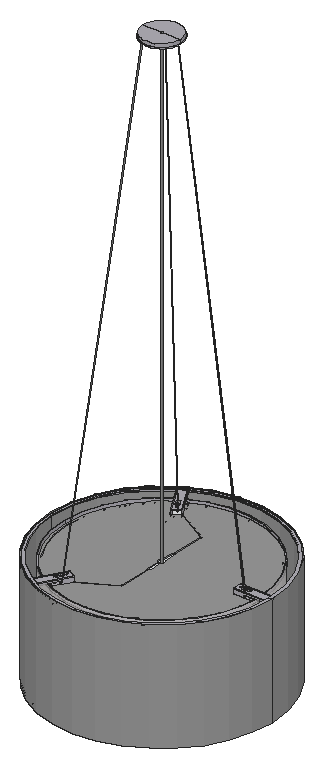
Revit family "Lighting - Lumetta - Pendant - P2034", category Lighting Fixtures, host Ceiling, Revit 2015
Parameters
  Wattage = 11.7117 W
  built-in parameter 1150110 = 1 (stored number, unit not read)
  URL = "https://lumetta.com/luminaires/shadow-drum-34-pendant/"
  Type Comments = ""
  built-in parameter 1114217 = 1 (stored number, unit not read)
  Top Lens-Material [instance] = Acrylic - 2447 - White
  Top Lens (Inner Core) [instance] = yes
  built-in parameter 1150109 = 1 (stored number, unit not read)
  built-in parameter 1150134 = (empty or 0)
  Suspension [instance] = 2
  built-in parameter 1150113 = 1 (stored number, unit not read)
  Stem Hung-ALL Lamping [instance] = Suspension = 3  # no
  P2048 URL [instance] = "https://lumetta.com/luminaires/shadow-drum-34-pendant/"
  Light Source Symbol Size = 0' - 1"
  Fixture Outer Drop [instance] = 6' - 0"
  Diffuser Outer Material [instance] = Glass, Matte
  1CRD-3CBL- LED-4 Wire [instance] = Suspension = 2  # yes
  Coupling-Stems Over 60 inches [instance] = and([Stem Hung-ALL Lamping], Fixture Outer Drop > 5' 0")  # no
  Model = "P2034"  # constant formula
  Manufacturer = "Lumetta, Inc."  # constant formula
  Lumens = 1300 lm
  built-in parameter 1150115 = 1 (stored number, unit not read)
  built-in parameter 1150105 = 103.45 (stored number, unit not read)
  built-in parameter 1150137 = (empty or 0)
  built-in parameter 1150139 = (empty or 0)
  built-in parameter 1150112 = 1 (stored number, unit not read)
  built-in parameter 1150114 = 1 (stored number, unit not read)
  built-in parameter 1150132 = 1
  built-in parameter 1150102 = (empty or 0)
  built-in parameter 1150138 = (empty or 0)
  built-in parameter 1150107 = 3000 (stored number, unit not read)
  built-in parameter 1150106 = 1.0345 (stored number, unit not read)
  Frame Finish [instance] = Paint - Lumetta - F02 - PC_Chrome
  built-in parameter 1150104 = 10.312 (stored number, unit not read)
  Dimming Lamp Color Temperature Shift = (empty or 0)
  Diffuser Inner Material [instance] = Shade - Lumetta - D61 - MT_White
  Description = "Shadow Drum 34'' Pendant"  # constant formula
  Cord [instance] = or(Suspension = 1, Suspension = 2)  # yes
  Bottom Lens-Material [instance] = Acrylic - P95 - Etched White
  Bottom Lens (Inner Core) [instance] = yes
  3 Cables [instance] = or(Suspension = 1, Suspension = 2)  # yes
  1CRD-3CBL-STD and 2 or 3 Wire [instance] = Suspension = 1  # no
  Cord Color [instance] = Cord, Black
  Color Filter = 16777215
  built-in parameter 1114218 = 1 (stored number, unit not read)
  built-in parameter 1150133 = 10 (stored number, unit not read)
Reference planes (in)
  plane 1 "Light Source Axis (F/B)": y = 0
  plane 2 "Ceiling": z = 96
  plane 3 "Light Source Axis (L/R)": x = 0
  plane 4 "Light Source Elevation": z = 21
  plane 5 "Fixture- Inner Top": z = 23.5
  plane 6 "Fixture-Inner Radius": x = 15
  plane 7 "Fixture-Inner Height": z = 9.5
  plane 8: through (0, 0, 0) normal (-0.5, -0.866, 0)
  plane 9: y = 0
  plane 10: through (0, 0, 0) normal (0.5, -0.866, 0)
  plane 11 "Plane-120": through (-7.5, 12.99038, 0) normal (0.5, -0.866, 0)
  plane 12 "Plane-240": through (-69.85383, 23.00962, 0) normal (0.5, 0.866, 0)
  plane 13 "Fixture-Outer Radius": x = 17
  plane 14 "Fixture- Outer Top": z = 24
  plane 15 "Fixture-Outer Height": z = 7
Forms (in)
  Revolve 1, solid, material "Paint - Lumetta - F02 - PC_Chrome" <- "Frame Finish", visible <- "3 Cables"
    sketch origin (0, 0, 0) x (1, 0, 0) y (0, 0, 1)
      loop
        line (0, 95.4375) -> (3, 95.4375) -> (3, 95.5) -> (2.87509, 95.5) -> (2.87509, 96) -> (0, 96) -> (0, 95.4375)
      axis (0, 96) -> (0, 95.4375)
    angle from 0 to 360
  Extrusion 2, void
    sketch origin (0, 0, 95.4375) x (0, -1, 0) y (1, 0, 0)
      loop
        circle (0, 0) r 0.25
      loop
        circle (0, 2.5) r 0.06274
      loop
        circle (-2.16506, -1.25) r 0.06274
      loop
        circle (2.16506, -1.25) r 0.06274
    from 0 to 0.06358
  Revolve 3, solid, material "Paint - Lumetta - F02 - PC_Chrome" <- "Frame Finish"
    sketch origin (0, 0, 0) x (1, 0, 0) y (0, 0, 1)
      loop
        line (15, 23.5) -> (14.9375, 23.5) -> (14.9375, 23.0625) -> (14.5, 23.0625) -> (14.5, 23) -> (15, 23) -> (15, 23.5)
      loop
        line (15, 10) -> (14.9375, 10) -> (14.9375, 9.5625) -> (14.5, 9.5625) -> (14.5, 9.5) -> (15, 9.5) -> (15, 10)
      axis (0, 23.5) -> (0, 9.5)
    angle from 0 to 360
  Revolve 4, solid, material "Shade - Lumetta - D61 - MT_White" <- "Diffuser Inner Material"
    sketch origin (0, 0, 0) x (1, 0, 0) y (0, 0, 1)
      loop
        line (15, 23.5) -> (15, 9.49709) -> (15.06242, 9.49709) -> (15.06242, 23.5) -> (15, 23.5)
      axis (0, 23.5) -> (0, 9.49709)
    angle from 0 to 360
  Extrusion 5, solid, material "Paint - Lumetta - F02 - PC_Chrome" <- "Frame Finish", visible <- "Stem Hung-ALL Lamping"
    sketch origin (0, 0, 23.5) x (0, -1, 0) y (-1, 0, 0)
      loop
        circle (0, 0) r 0.25
    from 0.5 to -72.5
  Revolve 6, solid, material "Paint - Lumetta - F02 - PC_Chrome" <- "Frame Finish", visible <- "Coupling-Stems Over 60 inches"
    sketch origin (0, 0, 0) x (1, 0, 0) y (0, 0, 1)
      loop
        line (0, 84.03023) -> (0, 83.5) -> (0.26233, 83.5)
        arc (0.26233, 83.5) -> (0.31307, 83.55074) -> (0.26233, 83.60149) r 0.05074
        arc (0.26233, 83.60149) -> (0.29304, 83.76499) -> (0.26243, 83.92851) r 0.45126
        arc (0.26243, 83.92851) -> (0.31329, 83.97937) -> (0.26243, 84.03023) r 0.05086
        line (0.26243, 84.03023) -> (0, 84.03023)
      axis (0, 84.03023) -> (0, 83.5)
    angle from 0 to 360
  Revolve 7, solid, material "Paint - Lumetta - F02 - PC_Chrome" <- "Frame Finish", visible <- "Stem Hung-ALL Lamping"
    sketch origin (0, 0, 0) x (1, 0, 0) y (0, 0, 1)
      loop
        line (0, 96) -> (0, 93.40625) -> (0.34988, 93.40625)
        arc (0.34988, 93.40625) -> (0.49124, 93.54417) -> (0.58115, 93.72) r 0.61026
        line (0.58115, 93.72) -> (3, 93.72) -> (3, 93.78) -> (2.875, 93.78) -> (2.875, 96) -> (0, 96)
      axis (0, 96) -> (0, 93.40625)
    angle from 0 to 360
  Extrusion 8, solid, material "Cord, Black" <- "Cord Color", visible <- "Cord"
    sketch origin (0, 0, 23.5) x (0, -1, 0) y (1, 0, 0)
      loop
        circle (0, 0) r 0.15674
    from -0.56254 to 72.5
  Extrusion 9, solid, material "Paint - Lumetta - F02 - PC_Chrome" <- "Frame Finish"
    sketch origin (0, 0, 23.5) x (0, -1, 0) y (1, 0, 0)
      loop
        line (-1, 14.85103) -> (-1, 13.25) -> (1, 13.25) -> (1, 14.85103)
        arc (1, 14.85103) -> (0, 14.88466) -> (-1, 14.85103) r 14.88466
      loop
        circle (0, 13.75) r 0.11051
      loop
        line (-12.36137, -8.29154) -> (-10.97484, -7.49103) -> (-11.97484, -5.75897) -> (-13.36137, -6.55949)
        arc (-13.36137, -6.55949) -> (-12.8905, -7.44233) -> (-12.36137, -8.29154) r 14.88466
      loop
        circle (-11.90785, -6.875) r 0.11051
      loop
        line (13.36137, -6.55949) -> (11.97484, -5.75897) -> (10.97484, -7.49103) -> (12.36137, -8.29154)
        arc (12.36137, -8.29154) -> (12.8905, -7.44233) -> (13.36137, -6.55949) r 14.88466
      loop
        circle (11.90785, -6.875) r 0.11051
    from -0.58147 to -0.5
  Extrusion 10, solid, material "Acrylic - P95 - Etched White" <- "Bottom Lens-Material", visible <- "Bottom Lens (Inner Core)"
    sketch origin (0, 0, 9.5) x (0, -1, 0) y (1, 0, 0)
      loop
        circle (0, 0) r 14.84375
    from 0.0625 to 0.125
  Extrusion 11, solid, material "Paint - Lumetta - F11 - PC_White"
    sketch origin (0, 0, 23.5) x (0, -1, 0) y (1, 0, 0)
      loop
        line (-7.43338, -1.25) -> (-10.06755, -5.8125) -> (10.06755, -5.8125) -> (7.43338, -1.25) -> (-7.43338, -1.25)
      loop
        line (-5.99001, 1.25) -> (5.99001, 1.25) -> (0, 11.625) -> (-5.99001, 1.25)
      loop
        circle (0, 0) r 0.28281
      loop
        line (0.75, 13.07596) -> (0.75, 14.1875) -> (-0.75, 14.1875) -> (-0.75, 13.07596) -> (-11.69912, -5.88846) -> (-12.66174, -6.44423) -> (-11.91174, -7.74327) -> (-10.94912, -7.1875) -> (10.94912, -7.1875) -> (11.91174, -7.74327) -> (12.66174, -6.44423) -> (11.69912, -5.88846) -> (0.75, 13.07596)
      loop
        circle (0, 12.9375) r 0.1266
      loop
        circle (0, 13.6875) r 0.09276
      loop
        circle (-11.2042, -6.46875) r 0.1266
      loop
        circle (-11.85372, -6.84375) r 0.09276
      loop
        circle (11.2042, -6.46875) r 0.1266
      loop
        circle (11.85372, -6.84375) r 0.09276
    from -0.58147 to -0.63259
  Revolve 12, solid, material "Paint - Lumetta - F02 - PC_Chrome" <- "Frame Finish"
    sketch origin (0, 0, 0) x (1, 0, 0) y (0, 0, 1)
      loop
        line (17, 23.9375) -> (16.5, 23.9375) -> (16.5, 23.875) -> (16.9375, 23.875) -> (16.9375, 23.4375) -> (17, 23.4375) -> (17, 23.9375)
      loop
        line (17, 7) -> (17, 7.5) -> (16.9375, 7.5) -> (16.9375, 7.0625) -> (16.5, 7.0625) -> (16.5, 7) -> (17, 7)
      axis (0, 23.9375) -> (0, 7)
    angle from 0 to 360
  Revolve 13, solid, material "Glass, Matte" <- "Diffuser Outer Material"
    sketch origin (0, 0, 0) x (1, 0, 0) y (0, 0, 1)
      loop
        line (17, 24) -> (17, 7) -> (17.03313, 7) -> (17.03313, 24) -> (17, 24)
      axis (0, 7) -> (0, 24)
    angle from 0 to 360
  Extrusion 14, solid, material "Paint - Lumetta - F02 - PC_Chrome" <- "Frame Finish"
    sketch origin (0, 0, 24) x (-1, 0, 0) y (0, -1, 0)
      loop
        line (-11.625, -0.6875) -> (-11.625, 0.6875) -> (-16.875, 0.6875) -> (-16.875, -0.6875) -> (-11.625, -0.6875)
      loop
        arc (-13.68181, 0.2113) -> (-13.84394, -0.00324) -> (-13.67542, -0.21281) r 0.21869
        line (-13.67542, -0.21281) -> (-12.96485, -0.38022)
        arc (-12.96485, -0.38022) -> (-12.48465, 0) -> (-12.96485, 0.38022) r 0.39063
        line (-12.96485, 0.38022) -> (-13.68181, 0.2113)
      loop
        circle (-12.125, -0.01007) r 0.09467
      loop
        line (6.40789, -9.7238) -> (5.21711, -10.4113) -> (7.84211, -14.95793) -> (9.03289, -14.27043) -> (6.40789, -9.7238)
      loop
        arc (6.65791, -11.95445) -> (6.92478, -11.98758) -> (7.02201, -11.73686) r 0.21869
        line (7.02201, -11.73686) -> (6.8117, -11.03779)
        arc (6.8117, -11.03779) -> (6.24233, -10.81203) -> (6.15315, -11.418) r 0.39063
        line (6.15315, -11.418) -> (6.65791, -11.95445)
      loop
        circle (6.07122, -10.49552) r 0.09467
      loop
        line (5.21711, 10.4113) -> (6.40789, 9.7238) -> (9.03289, 14.27043) -> (7.84211, 14.95793) -> (5.21711, 10.4113)
      loop
        arc (7.0239, 11.74315) -> (6.91916, 11.99082) -> (6.65342, 11.94967) r 0.21869
        line (6.65342, 11.94967) -> (6.15315, 11.418)
        arc (6.15315, 11.418) -> (6.24233, 10.81203) -> (6.8117, 11.03779) r 0.39063
        line (6.8117, 11.03779) -> (7.0239, 11.74315)
      loop
        circle (6.05378, 10.50559) r 0.09467
    from -0.19992 to -0.125
  Sweep 15, solid, material "Steel, Galvanized", visible <- "3 Cables"
    path origin (0, 0, 0) x (-0.5, 0.866025, 0) y (0, 0, 1)
      loop
        line (2.5, 95.50108) -> (12.875, 22.81449)
    profile origin (-3.84375, 6.65757, 59.15779) x (-0.494983, 0.857336, 0.141304) y (0.866025, 0.5, 0)
      loop
        circle (0, 0) r 0.03083
  Sweep 16, solid, material "Steel, Galvanized", visible <- "3 Cables"
    path origin (0, 0, 0) x (-0.5, -0.866025, 0) y (0, 0, 1)
      loop
        line (2.5, 95.50108) -> (12.875, 22.81449)
    profile origin (-3.84375, -6.65757, 59.15779) x (-0.494983, -0.857336, 0.141304) y (-0.866025, 0.5, 0)
      loop
        circle (0, 0) r 0.03083
  Revolve 17, solid, material "Paint - Lumetta - F02 - PC_Chrome" <- "Frame Finish", visible <- "Stem Hung-ALL Lamping"
    sketch origin (0, 0, 0) x (1, 0, 0) y (0, 0, 1)
      loop
        arc (1.9375, 93.33818) -> (2.13408, 93.49233) -> (2.03125, 93.72) r 0.20242
        line (2.03125, 93.72) -> (1.9375, 93.72) -> (1.9375, 93.33818)
      axis (1.9375, 93.72) -> (1.9375, 93.33818)
    angle from 0 to 360
  Revolve 18, solid, material "Paint - Lumetta - F02 - PC_Chrome" <- "Frame Finish", visible <- "Stem Hung-ALL Lamping"
    sketch origin (0, 0, 0) x (-1, 0, 0) y (0, 0, 1)
      loop
        arc (1.9375, 93.33818) -> (2.13408, 93.49233) -> (2.03125, 93.72) r 0.20242
        line (2.03125, 93.72) -> (1.9375, 93.72) -> (1.9375, 93.33818)
      axis (1.9375, 93.72) -> (1.9375, 93.33818)
    angle from 0 to 360
  Revolve 19, solid, material "Paint - Lumetta - F02 - PC_Chrome" <- "Frame Finish", visible <- "1CRD-3CBL- LED-4 Wire"
    sketch origin (0, 0, 1.7175) x (1, 0, 0) y (0, 0, 1)
      loop
        arc (1.9375, 93.33818) -> (2.13408, 93.49233) -> (2.03125, 93.72) r 0.20242
        line (2.03125, 93.72) -> (1.9375, 93.72) -> (1.9375, 93.33818)
      axis (1.9375, 93.72) -> (1.9375, 93.33818)
    angle from 0 to 360
  Revolve 20, solid, material "Paint - Lumetta - F02 - PC_Chrome" <- "Frame Finish", visible <- "1CRD-3CBL- LED-4 Wire"
    sketch origin (0, 0, 1.7175) x (-1, 0, 0) y (0, 0, 1)
      loop
        arc (1.9375, 93.33818) -> (2.13408, 93.49233) -> (2.03125, 93.72) r 0.20242
        line (2.03125, 93.72) -> (1.9375, 93.72) -> (1.9375, 93.33818)
      axis (1.9375, 93.72) -> (1.9375, 93.33818)
    angle from 0 to 360
  Revolve 21, solid, material "Paint - Lumetta - F02 - PC_Chrome" <- "Frame Finish", visible <- "1CRD-3CBL- LED-4 Wire"
    sketch origin (0, 0, 0) x (1, 0, 0) y (0, 0, 1)
      loop
        line (0, 95.4375) -> (0, 95.31123) -> (0.375, 95.31123) -> (0.375, 95.4375) -> (0, 95.4375)
      axis (0, 95.4375) -> (0, 95.31123)
    angle from 0 to 360
  Revolve 22, solid, material "Paint - Lumetta - F02 - PC_Chrome" <- "Frame Finish", visible <- "1CRD-3CBL-STD and 2 or 3 Wire"
    sketch origin (0, 0, 0) x (1, 0, 0) y (0, 0, 1)
      loop
        line (0, 95.4375) -> (0, 94.9375) -> (0.28309, 94.9375) -> (0.375, 95.4375) -> (0, 95.4375)
      axis (0, 95.4375) -> (0, 94.9375)
    angle from 0 to 360
  Extrusion 23, solid, material "Acrylic - 2447 - White" <- "Top Lens-Material", visible <- "Top Lens (Inner Core)"
    sketch origin (0, 0, 23.5) x (0, -1, 0) y (1, 0, 0)
      loop
        arc (-13.27354, -6.64454) -> (-13.1977, -6.70831) -> (-13.09927, -6.69684) r 0.125
        line (-13.09927, -6.69684) -> (-10.72032, -5.32336)
        arc (-10.72032, -5.32336) -> (-10.66855, -5.28363) -> (-10.62882, -5.23185) r 0.25
        line (-10.62882, -5.23185) -> (-7.57212, 0.06242) -> (-2.57449, 0.06242)
        arc (-2.57449, 0.06242) -> (-2.51198, 0.07917) -> (-2.46623, 0.12493) r 0.125
        arc (-2.46623, 0.12493) -> (-2.37484, 0.21633) -> (-2.24999, 0.24979) r 0.24968
        line (-2.24999, 0.24979) -> (-0.57641, 0.24979)
        arc (-0.57641, 0.24979) -> (-0.51684, 0.2649) -> (-0.47166, 0.30658) r 0.125
        arc (-0.47166, 0.30658) -> (0.00035, 0.56218) -> (0.47188, 0.30569) r 0.56266
        arc (0.47188, 0.30569) -> (0.51708, 0.26388) -> (0.57676, 0.24871) r 0.125
        line (0.57676, 0.24871) -> (2.25, 0.24871)
        arc (2.25, 0.24871) -> (2.37941, 0.21317) -> (2.47253, 0.11652) r 0.2534
        arc (2.47253, 0.11652) -> (2.51846, 0.06885) -> (2.5823, 0.05131) r 0.125
        line (2.5823, 0.05131) -> (7.57212, 0.05131) -> (10.629, -5.23209)
        arc (10.629, -5.23209) -> (10.6687, -5.28375) -> (10.72039, -5.32339) r 0.25
        line (10.72039, -5.32339) -> (13.09927, -6.69684)
        arc (13.09927, -6.69684) -> (13.1977, -6.70831) -> (13.27354, -6.64454) r 0.125
        arc (13.27354, -6.64454) -> (12.85506, 7.42187) -> (0.88243, 14.8175) r 14.84375
        arc (0.88243, 14.8175) -> (0.78928, 14.7837) -> (0.75, 14.69272) r 0.125
        line (0.75, 14.69272) -> (0.75, 11.721)
        arc (0.75, 11.721) -> (0.71339, 11.63261) -> (0.625, 11.596) r 0.125
        line (0.625, 11.596) -> (-0.625, 11.596)
        arc (-0.625, 11.596) -> (-0.71339, 11.63261) -> (-0.75, 11.721) r 0.125
        line (-0.75, 11.721) -> (-0.75, 14.69272)
        arc (-0.75, 14.69272) -> (-0.78928, 14.7837) -> (-0.88243, 14.8175) r 0.125
        arc (-0.88243, 14.8175) -> (-12.85506, 7.42188) -> (-13.27354, -6.64454) r 14.84375
      loop
        arc (12.39111, -8.17296) -> (12.40842, -8.07538) -> (12.34927, -7.99588) r 0.125
        line (12.34927, -7.99588) -> (9.77568, -6.51002)
        arc (9.77568, -6.51002) -> (9.71744, -6.43412) -> (9.72993, -6.33927) r 0.125
        line (9.72993, -6.33927) -> (10.39081, -5.19459)
        arc (10.39081, -5.19459) -> (10.40756, -5.13209) -> (10.39081, -5.0696) r 0.125
        line (10.39081, -5.0696) -> (7.53563, -0.12392)
        arc (7.53563, -0.12392) -> (7.48988, -0.07816) -> (7.42737, -0.06141) r 0.125
        line (7.42737, -0.06141) -> (2.57144, -0.06141)
        arc (2.57144, -0.06141) -> (2.50992, -0.0776) -> (2.46433, -0.12197) r 0.125
        arc (2.46433, -0.12197) -> (2.37171, -0.21211) -> (2.24673, -0.245) r 0.25396
        line (2.24673, -0.245) -> (0.51158, -0.245)
        arc (0.51158, -0.245) -> (0.45327, -0.25943) -> (0.40842, -0.2994) r 0.125
        arc (0.40842, -0.2994) -> (-0.02877, -0.53106) -> (-0.46772, -0.30275) r 0.53222
        arc (-0.46772, -0.30275) -> (-0.51245, -0.26334) -> (-0.57034, -0.24912) r 0.125
        line (-0.57034, -0.24912) -> (-2.25, -0.24912)
        arc (-2.25, -0.24912) -> (-2.37489, -0.21565) -> (-2.46631, -0.12421) r 0.24974
        arc (-2.46631, -0.12421) -> (-2.51206, -0.07844) -> (-2.57457, -0.06169) r 0.125
        line (-2.57457, -0.06169) -> (-7.42738, -0.06169)
        arc (-7.42738, -0.06169) -> (-7.48988, -0.07844) -> (-7.53563, -0.12419) r 0.125
        line (-7.53563, -0.12419) -> (-10.39081, -5.0696)
        arc (-10.39081, -5.0696) -> (-10.40755, -5.1321) -> (-10.39081, -5.1946) r 0.125
        line (-10.39081, -5.1946) -> (-9.72993, -6.33927)
        arc (-9.72993, -6.33927) -> (-9.71744, -6.43412) -> (-9.77568, -6.51002) r 0.125
        line (-9.77568, -6.51002) -> (-12.34927, -7.99588)
        arc (-12.34927, -7.99588) -> (-12.40842, -8.07538) -> (-12.39111, -8.17296) r 0.125
        arc (-12.39111, -8.17296) -> (0, -14.84375) -> (12.39111, -8.17296) r 14.84375
    from -0.43746 to -0.35877
  Extrusion 24, solid, material "Paint - Lumetta - F02 - PC_Chrome" <- "Frame Finish"
    sketch origin (0, 0, 23.5) x (0, -1, 0) y (1, 0, 0)
      loop
        line (-0.6875, 11.625) -> (-0.625, 11.625) -> (-0.625, 16.86737) -> (-0.6875, 16.86737) -> (-0.6875, 11.625)
      loop
        line (0.6875, 11.625) -> (0.6875, 16.86737) -> (0.625, 16.86737) -> (0.625, 11.625) -> (0.6875, 11.625)
      loop
        line (-9.7238, -6.40789) -> (-9.75505, -6.35377) -> (-14.29507, -8.97495) -> (-14.26382, -9.02908) -> (-9.7238, -6.40789)
      loop
        line (-10.4113, -5.21711) -> (-14.95132, -7.83829) -> (-14.92007, -7.89242) -> (-10.38005, -5.27123) -> (-10.4113, -5.21711)
      loop
        line (10.4113, -5.21711) -> (10.38005, -5.27123) -> (14.92007, -7.89242) -> (14.95132, -7.83829) -> (10.4113, -5.21711)
      loop
        line (9.7238, -6.40789) -> (14.26382, -9.02908) -> (14.29507, -8.97495) -> (9.75505, -6.35377) -> (9.7238, -6.40789)
    from 0 to 0.375
  Extrusion 25, solid, material "Paint - Lumetta - F02 - PC_Chrome" <- "Frame Finish"
    sketch origin (0, 0, 23.5) x (0, -1, 0) y (1, 0, 0)
      loop
        line (-0.6875, 11.625) -> (-0.625, 11.625) -> (-0.625, 13.125) -> (-0.6875, 13.125) -> (-0.6875, 11.625)
      loop
        line (0.6875, 11.625) -> (0.6875, 13.125) -> (0.625, 13.125) -> (0.625, 11.625) -> (0.6875, 11.625)
      loop
        line (-9.7238, -6.40789) -> (-9.75505, -6.35377) -> (-11.05408, -7.10377) -> (-11.02283, -7.15789) -> (-9.7238, -6.40789)
      loop
        line (-10.4113, -5.21711) -> (-11.71033, -5.96711) -> (-11.67908, -6.02123) -> (-10.38005, -5.27123) -> (-10.4113, -5.21711)
      loop
        line (10.4113, -5.21711) -> (10.38005, -5.27123) -> (11.67908, -6.02123) -> (11.71033, -5.96711) -> (10.4113, -5.21711)
      loop
        line (9.7238, -6.40789) -> (11.02283, -7.15789) -> (11.05408, -7.10377) -> (9.75505, -6.35377) -> (9.7238, -6.40789)
    from -0.58147 to 0
  Sweep 26, solid, material "Steel, Galvanized", visible <- "3 Cables"
    path origin (0, 0, 0) x (1, 0, 0) y (0, 0, 1)
      loop
        line (2.5, 95.50108) -> (12.875, 22.81449)
    profile origin (7.6875, 0, 59.15779) x (0.989966, 0, 0.141304) y (0, -1, 0)
      loop
        circle (0, 0) r 0.03083
Cuts and joins
  joined: Extrusion 24, Extrusion 25
Dimensions and locks (in)
  equal spacing: host sketch curve, plane 3 "Light Source Axis (L/R)", host sketch curve
  equal spacing: host sketch curve, plane 1 "Light Source Axis (F/B)", host sketch curve
  host sketch curve to host sketch curve = 10' - 0"  (x2)
  locked: plane 5 "Fixture- Inner Top" to plane 4 "Light Source Elevation" at 2.5
  plane 6 "Fixture-Inner Radius" to plane 3 "Light Source Axis (L/R)" = 1' - 3"  (x2)
  locked: plane 5 "Fixture- Inner Top" to plane 7 "Fixture-Inner Height" at 14
  locked: Revolve 1 sketch curve to plane 3 "Light Source Axis (L/R)" at 2.87509
  locked: Revolve 1 sketch curve to plane 3 "Light Source Axis (L/R)" at 3
  locked: Extrusion 2 sketch curve to Extrusion 2 sketch curve at 2.5
  locked: plane 6 "Fixture-Inner Radius" to Revolve 3 sketch curve at 0.0625  (x2)
  locked: Revolve 4 sketch curve to plane 6 "Fixture-Inner Radius" at 0.06242
  locked: Extrusion 5 sketch curve to imposter light
  locked: Extrusion 5 sketch curve to imposter light at 0
  Revolve 6 sketch curve to Revolve 6 sketch curve = 0' - 0.15822"
  locked: Revolve 6 sketch curve to Revolve 4 at 60
  locked: Revolve 6 sketch curve to Revolve 6 sketch curve at 0.53023
  locked: Revolve 6 sketch curve to Revolve 6 sketch curve at 0.26243
  locked: Revolve 6 sketch curve to Revolve 6 sketch curve at 0.26233
  locked: Revolve 6 sketch curve to Revolve 6 sketch curve at 0.05074
  locked: Revolve 6 sketch curve to Revolve 6 sketch curve at 0.47937
  locked: Revolve 6 sketch curve to Revolve 6 sketch curve at 0.26512
  locked: Revolve 7 sketch curve to Revolve 7 sketch curve at 2.875
  locked: Revolve 7 sketch curve to Revolve 7 sketch curve at 0.31375
  locked: plane 5 "Fixture- Inner Top" to Revolve 3 sketch curve at 0.5
  locked: Revolve 3 sketch curve to plane 7 "Fixture-Inner Height" at 0.5
  locked: plane 6 "Fixture-Inner Radius" to Revolve 3 sketch curve at 0.5  (x2)
  locked: Revolve 1 sketch curve to Revolve 1 sketch curve at 0.0625
  locked: host ceiling to Revolve 1 sketch curve at 0.5625
  locked: Revolve 1 sketch curve to Revolve 1 sketch curve at 0.5625
  locked: Revolve 1 sketch curve to Revolve 1 sketch curve at 3
  Revolve 1 sketch curve to Revolve 1 sketch curve = 0' - 2.87509"
  Extrusion 9 sketch curve to plane 6 "Fixture-Inner Radius" = 0' - 1 3/4"
  plane 10 to plane 11 "Plane-120" = 1' - 3"
  plane 12 "Plane-240" to plane 8 = 1' - 3"
  locked: plane 10 to Extrusion 2 sketch curve at 2.5
  locked: Extrusion 2 sketch curve to plane 8 at 2.5
  plane 3 "Light Source Axis (L/R)" to Extrusion 11 sketch curve = 0' - 1 1/4"
  Extrusion 11 sketch curve to plane 3 "Light Source Axis (L/R)" = 0' - 1 1/4"
  locked: plane 13 "Fixture-Outer Radius" to plane 3 "Light Source Axis (L/R)" at 17
  "Fixture Outer Drop": plane 2 "Ceiling" to plane 14 "Fixture- Outer Top"
  locked: plane 14 "Fixture- Outer Top" to plane 5 "Fixture- Inner Top" at 0.5
  locked: plane 14 "Fixture- Outer Top" to plane 15 "Fixture-Outer Height" at 17
  locked: Revolve 12 sketch curve to plane 15 "Fixture-Outer Height" at 0
  locked: Revolve 12 sketch curve to plane 13 "Fixture-Outer Radius" at 0  (x2)
  locked: Revolve 13 sketch curve to plane 13 "Fixture-Outer Radius" at 0
  locked: plane 13 "Fixture-Outer Radius" to Revolve 13 sketch curve at 0.03313
  locked: Revolve 13 sketch curve to plane 14 "Fixture- Outer Top" at 0
  locked: Revolve 13 sketch curve to plane 15 "Fixture-Outer Height" at 0
  locked: Revolve 13 to plane 14 "Fixture- Outer Top" at 0
  equal spacing: Extrusion 9 sketch curve, plane 9, Extrusion 9 sketch curve
  locked: Extrusion 9 sketch curve to plane 6 "Fixture-Inner Radius" at 1.75
  locked: Extrusion 9 sketch curve to Extrusion 9 sketch curve at 0.5  (x3)
  locked: plane 3 "Light Source Axis (L/R)" to Extrusion 9 sketch curve
  locked: plane 14 "Fixture- Outer Top" to Extrusion 14 at 0.19992
  Revolve 7 to Revolve 17 sketch curve = 0' - 0"
  locked: Revolve 1 to Revolve 22 sketch curve at 0.5
  locked: Revolve 22 sketch curve to Revolve 22 sketch curve at 0.27843
  locked: Revolve 22 sketch curve to plane 3 "Light Source Axis (L/R)" at 0.375
  locked: Extrusion 24 to plane 5 "Fixture- Inner Top" at 0.375
  Extrusion 14 to Extrusion 24 = 0' - 0"
  Extrusion 24 to plane 6 "Fixture-Inner Radius" = 0' - 3 3/8"  (x2)
  locked: Revolve 12 sketch curve to Revolve 12 sketch curve at 0.5  (x4)
  locked: Revolve 12 sketch curve to Revolve 12 sketch curve at 0.0625  (x4)
  Extrusion 9 sketch curve to Extrusion 9 sketch curve = 0' - 2"
  locked: Extrusion 23 sketch curve to plane 9 at 2.25
  locked: plane 9 to Extrusion 23 sketch curve at 2.25
  Extrusion 14 sketch curve to Extrusion 14 sketch curve = 0' - 1.25028"
  locked: Extrusion 14 sketch curve to Extrusion 14 sketch curve at 0.75  (x3)
  Extrusion 14 sketch curve to Extrusion 14 sketch curve = 0' - 0 1/2"
  locked: Extrusion 14 sketch curve to plane 13 "Fixture-Outer Radius" at 0.125
  locked: Extrusion 14 sketch curve to Extrusion 14 sketch curve at 5.25  (x3)
  plane 9 to Extrusion 14 sketch curve = 0' - 0"
  plane 9 to Extrusion 14 sketch curve = 0' - 0.00005"
  locked: Extrusion 24 sketch curve to Extrusion 24 sketch curve at 5.24237  (x2)
  locked: Extrusion 24 sketch curve to plane 13 "Fixture-Outer Radius" at 0.13263  (x2)
  locked: Extrusion 25 sketch curve to plane 13 "Fixture-Outer Radius" at 3.875  (x2)
  locked: Extrusion 25 sketch curve to Extrusion 25 sketch curve at 1.5  (x2)
  locked: Revolve 3 sketch curve to Revolve 3 sketch curve at 0.0625  (x2)
  locked: Revolve 3 sketch curve to plane 7 "Fixture-Inner Height" at 0
  locked: Revolve 3 sketch curve to plane 5 "Fixture- Inner Top" at 0
  locked: Extrusion 23 to Revolve 3 at 0.06254
  locked: Extrusion 9 to Extrusion 11 at 0.05112
  radius of Extrusion 10 sketch curve = 1' - 2 27/32"
  radius of Extrusion 23 sketch curve = 1' - 2 27/32"  (x3)
  aligned and locked: plane 3 "Light Source Axis (L/R)" to imposter light
  aligned and locked: plane 1 "Light Source Axis (F/B)" to imposter light
  aligned and locked: plane 4 "Light Source Elevation" to imposter light
  aligned and locked: Revolve 4 sketch curve to plane 3 "Light Source Axis (L/R)"
  aligned and locked: Revolve 6 sketch curve to Revolve 6 sketch curve  (x2)
  aligned and locked: host ceiling to Extrusion 5
  aligned and locked: host ceiling to Extrusion 8
  aligned and locked: Revolve 12 sketch curve to plane 3 "Light Source Axis (L/R)"
  aligned and locked: Revolve 13 sketch curve to plane 3 "Light Source Axis (L/R)"
  aligned and locked: Revolve 12 to Extrusion 14
  aligned and locked: Extrusion 25 to plane 5 "Fixture- Inner Top"
  aligned and locked: Extrusion 10 to Revolve 3
  aligned and locked: Revolve 3 to Extrusion 9
  aligned and locked: Extrusion 11 to Extrusion 9
Automatic sketch dimensions
  Revolve 1 sketch curve to plane 3 "Light Source Axis (L/R)" = 0' - 0"
  Revolve 1 sketch curve to Revolve 1 sketch curve = 0' - 0"
  Revolve 1 sketch curve to Revolve 1 sketch curve = 0' - 9 3/4"
  Extrusion 2 sketch curve to Revolve 1 = 0' - 0"
  Revolve 1 to Extrusion 2 sketch curve = 0' - 2.16506"
  Extrusion 2 sketch curve to Revolve 1 = 0' - 2.16506"
  Revolve 7 sketch curve to plane 3 "Light Source Axis (L/R)" = 0' - 0"  (x3)
  Revolve 7 sketch curve to plane 2 "Ceiling" = 0' - 0"
  plane 3 "Light Source Axis (L/R)" to Revolve 7 sketch curve = 0' - 0.34988"
  Revolve 7 sketch curve to Revolve 7 sketch curve = 0' - 0.23126"
  Revolve 7 sketch curve to Revolve 7 sketch curve = 0' - 0 1/8"
  Revolve 7 sketch curve to plane 2 "Ceiling" = 0' - 2 3/32"
  Revolve 7 sketch curve to Revolve 7 sketch curve = 0' - 0.06"
  plane 2 "Ceiling" to Revolve 7 sketch curve = 0' - 1 3/4"
  Revolve 7 sketch curve to Revolve 7 sketch curve = 0' - 2 1/2"
  plane 1 "Light Source Axis (F/B)" to Extrusion 8 sketch curve = 0' - 0"
  Extrusion 8 sketch curve to plane 3 "Light Source Axis (L/R)" = 0' - 0"
  Revolve 12 sketch curve to plane 14 "Fixture- Outer Top" = 0' - 0 1/16"
  level to Revolve 12 sketch curve = 0' - 2 1/4"
  Revolve 12 sketch curve to plane 7 "Fixture-Inner Height" = 0' - 5 1/2"
  Revolve 13 sketch curve to plane 15 "Fixture-Outer Height" = 0' - 1 1/2"
  Revolve 13 sketch curve to level = 1' - 0"
  Sweep 15 sketch curve to plane 2 "Ceiling" = 0' - 0.49892"
  Sweep 15 sketch curve to plane 10 = 0' - 2 1/2"
  plane 5 "Fixture- Inner Top" to Sweep 15 sketch curve = 0' - 0.68551"
  plane 11 "Plane-120" to Sweep 15 sketch curve = 0' - 2 1/8"
  Sweep 15 sketch curve to profile plane = 0' - 0"
  profile plane to Sweep 15 sketch curve = 0' - 0"
  Sweep 16 sketch curve to plane 2 "Ceiling" = 0' - 0.49892"
  plane 8 to Sweep 16 sketch curve = 0' - 2 1/2"
  plane 5 "Fixture- Inner Top" to Sweep 16 sketch curve = 0' - 0.68551"
  plane 12 "Plane-240" to Sweep 16 sketch curve = 0' - 2 1/8"
  profile plane to Sweep 16 sketch curve = 0' - 0"  (x2)
  Revolve 17 sketch curve to Revolve 17 sketch curve = 0' - 0.1794"
  Revolve 17 sketch curve to Revolve 17 sketch curve = 0' - 0.90349"
  plane 2 "Ceiling" to Revolve 17 sketch curve = 0' - 0.68468"
  plane 3 "Light Source Axis (L/R)" to Revolve 18 sketch curve = 0' - 1 15/16"
  Revolve 18 sketch curve to Revolve 18 sketch curve = 0' - 0 3/32"
  plane 2 "Ceiling" to Revolve 18 sketch curve = 0' - 2.66182"
  Revolve 18 sketch curve to Revolve 18 sketch curve = 0' - 0.20242"
  Revolve 18 sketch curve to Revolve 18 sketch curve = 0' - 0"
  Revolve 18 sketch curve to Revolve 18 sketch curve = 0' - 0.90349"
  Revolve 18 sketch curve to plane 2 "Ceiling" = 0' - 0.68468"
  Revolve 19 sketch curve to plane 2 "Ceiling" = 0' - 0.94432"
  Revolve 19 sketch curve to Revolve 19 sketch curve = 0' - 0.20242"
  Revolve 19 sketch curve to Revolve 19 sketch curve = 0' - 0.90349"
  plane 2 "Ceiling" to Revolve 19 sketch curve = 0' - 2.40218"
  plane 2 "Ceiling" to Revolve 20 sketch curve = 0' - 0.7419"
  plane 3 "Light Source Axis (L/R)" to Revolve 20 sketch curve = 0' - 1 15/16"
  Revolve 20 sketch curve to Revolve 20 sketch curve = 0' - 0 3/32"
  Revolve 20 sketch curve to Revolve 20 sketch curve = 0' - 0.20242"
  Revolve 20 sketch curve to Revolve 20 sketch curve = 0' - 0"
  Revolve 20 sketch curve to Revolve 20 sketch curve = 0' - 0.90349"
  Revolve 20 sketch curve to plane 2 "Ceiling" = 0' - 2.40218"
  Revolve 21 sketch curve to plane 3 "Light Source Axis (L/R)" = 0' - 0"  (x2)
  plane 3 "Light Source Axis (L/R)" to Revolve 21 sketch curve = 0' - 0 3/8"
  Revolve 21 sketch curve to plane 2 "Ceiling" = 0' - 0.68877"
  Revolve 21 sketch curve to Revolve 21 sketch curve = 0' - 0.12627"
  Revolve 21 sketch curve to Revolve 21 sketch curve = 0' - 0.21888"
  Revolve 21 sketch curve to plane 2 "Ceiling" = 0' - 0.22322"
  Revolve 22 sketch curve to plane 3 "Light Source Axis (L/R)" = 0' - 0"  (x2)
  plane 3 "Light Source Axis (L/R)" to Revolve 22 sketch curve = 0' - 0.28309"
  Revolve 22 sketch curve to Revolve 22 sketch curve = 0' - 0 3/4"
  plane 2 "Ceiling" to Revolve 22 sketch curve = 0' - 0 7/16"
  plane 3 "Light Source Axis (L/R)" to Revolve 17 sketch curve = 0' - 1 15/16"
  Revolve 17 sketch curve to Revolve 17 sketch curve = 0' - 0 3/32"
  Revolve 17 sketch curve to Revolve 17 sketch curve = 0' - 0"
  plane 3 "Light Source Axis (L/R)" to Revolve 19 sketch curve = 0' - 1 15/16"
  Revolve 19 sketch curve to Revolve 19 sketch curve = 0' - 0 3/32"
  Revolve 19 sketch curve to Revolve 19 sketch curve = 0' - 0"
  Revolve 4 sketch curve to plane 6 "Fixture-Inner Radius" = 0' - 0"
  Revolve 4 sketch curve to plane 5 "Fixture- Inner Top" = 0' - 0"
  plane 7 "Fixture-Inner Height" to Revolve 4 sketch curve = 0' - 0.00291"
  plane 7 "Fixture-Inner Height" to Revolve 4 sketch curve = 0' - 1 1/4"
  plane 14 "Fixture- Outer Top" to Revolve 4 sketch curve = 0' - 1 3/4"
  Revolve 6 sketch curve to plane 3 "Light Source Axis (L/R)" = 0' - 0"
  Revolve 6 sketch curve to Revolve 6 sketch curve = 0' - 11.34317"
  Extrusion 9 sketch curve to Extrusion 9 sketch curve = 0' - 0"  (x5)
  plane 1 "Light Source Axis (F/B)" to Extrusion 9 sketch curve = 0' - 0"  (x2)
  Extrusion 9 sketch curve to plane 6 "Fixture-Inner Radius" = 0' - 0.14897"
  Extrusion 9 sketch curve to plane 1 "Light Source Axis (F/B)" = 0' - 1"
  Extrusion 9 sketch curve to plane 1 "Light Source Axis (F/B)" = 0' - 10.97484"
  Extrusion 9 sketch curve to Extrusion 9 sketch curve = 0' - 0.93301"  (x2)
  Extrusion 9 sketch curve to Extrusion 9 sketch curve = 0' - 0.06699"  (x2)
  Extrusion 9 sketch curve to Extrusion 9 sketch curve = 0' - 0.45352"  (x2)
  Extrusion 9 sketch curve to plane 3 "Light Source Axis (L/R)" = 0' - 6.55949"  (x2)
  Extrusion 9 sketch curve to Extrusion 9 sketch curve = 0' - 1.45352"  (x2)
  plane 1 "Light Source Axis (F/B)" to Extrusion 9 sketch curve = 0' - 10.97484"
  plane 1 "Light Source Axis (F/B)" to Extrusion 11 sketch curve = 0' - 0"  (x4)
  Extrusion 11 sketch curve to plane 3 "Light Source Axis (L/R)" = 0' - 0"
  Extrusion 11 sketch curve to plane 1 "Light Source Axis (F/B)" = 0' - 0 3/4"
  Extrusion 11 sketch curve to plane 1 "Light Source Axis (F/B)" = 0' - 5.99001"
  Extrusion 11 sketch curve to Extrusion 11 sketch curve = 0' - 1.44338"  (x2)
  Extrusion 11 sketch curve to Extrusion 11 sketch curve = 0' - 2.63416"  (x2)
  Extrusion 11 sketch curve to Extrusion 11 sketch curve = 0' - 0.88157"  (x2)
  Extrusion 11 sketch curve to Extrusion 11 sketch curve = 0' - 0.25509"  (x2)
  Extrusion 11 sketch curve to Extrusion 11 sketch curve = 0' - 0.49491"  (x2)
  Extrusion 11 sketch curve to Extrusion 11 sketch curve = 0' - 0.64952"  (x2)
  Extrusion 11 sketch curve to Extrusion 11 sketch curve = 0' - 0.05801"  (x2)
  Extrusion 11 sketch curve to plane 3 "Light Source Axis (L/R)" = 0' - 6.44423"  (x2)
  Extrusion 11 sketch curve to Extrusion 11 sketch curve = 0' - 0.80801"  (x2)
  plane 1 "Light Source Axis (F/B)" to Extrusion 11 sketch curve = 0' - 0 3/4"
  plane 1 "Light Source Axis (F/B)" to Extrusion 11 sketch curve = 0' - 5.99001"
  Extrusion 11 sketch curve to Extrusion 11 sketch curve = 0' - 0.02452"  (x2)
  Extrusion 11 sketch curve to Extrusion 11 sketch curve = 0' - 0 3/8"  (x2)
  Extrusion 11 sketch curve to Extrusion 11 sketch curve = 0' - 0 23/32"
  Extrusion 11 sketch curve to Extrusion 11 sketch curve = 0' - 0 21/32"
  Extrusion 11 sketch curve to plane 6 "Fixture-Inner Radius" = 0' - 3 3/8"
  Extrusion 11 sketch curve to Extrusion 11 sketch curve = 0' - 1 5/16"
  Extrusion 11 sketch curve to Extrusion 11 sketch curve = 0' - 0.13846"  (x2)
  Extrusion 11 sketch curve to Extrusion 11 sketch curve = 0' - 0 3/4"
  Extrusion 11 sketch curve to plane 6 "Fixture-Inner Radius" = 0' - 0 13/16"
  plane 1 "Light Source Axis (F/B)" to Extrusion 14 sketch curve = 0' - 0.2113"
  Extrusion 14 sketch curve to Extrusion 14 sketch curve = 0' - 0.05654"
  Extrusion 14 sketch curve to plane 1 "Light Source Axis (F/B)" = 0' - 0.21281"
  plane 1 "Light Source Axis (F/B)" to Extrusion 14 sketch curve = 0' - 0.38022"
  Extrusion 14 sketch curve to Extrusion 14 sketch curve = 0' - 0.08958"
  Extrusion 14 sketch curve to plane 1 "Light Source Axis (F/B)" = 0' - 0.38022"
  Extrusion 14 sketch curve to plane 3 "Light Source Axis (L/R)" = 0' - 5.21711"  (x2)
  Extrusion 14 sketch curve to Extrusion 14 sketch curve = 0' - 0.83667"
  Extrusion 14 sketch curve to Extrusion 14 sketch curve = 0' - 0.85411"
  Extrusion 14 sketch curve to Extrusion 14 sketch curve = 0' - 0.08193"
  Extrusion 14 sketch curve to Extrusion 14 sketch curve = 0' - 0.09937"
  Extrusion 14 sketch curve to Extrusion 14 sketch curve = 0' - 0.35411"
  Extrusion 14 sketch curve to Extrusion 14 sketch curve = 0' - 0.33667"
  Extrusion 14 sketch curve to Extrusion 14 sketch curve = 0' - 0.28449"  (x2)
  Extrusion 14 sketch curve to Extrusion 14 sketch curve = 0' - 0.50027"
  Extrusion 14 sketch curve to Extrusion 14 sketch curve = 0' - 0.50476"
  Extrusion 14 sketch curve to Extrusion 14 sketch curve = 0' - 0.37407"  (x2)
  Extrusion 14 sketch curve to Extrusion 14 sketch curve = 0' - 0.15468"
  Extrusion 14 sketch curve to Extrusion 14 sketch curve = 0' - 0.15927"
  Extrusion 14 sketch curve to Extrusion 14 sketch curve = 0' - 0.20941"
  Extrusion 14 sketch curve to Extrusion 14 sketch curve = 0' - 0.21122"
  Extrusion 14 sketch curve to Extrusion 14 sketch curve = 0' - 1.18869"
  Extrusion 14 sketch curve to Extrusion 14 sketch curve = 0' - 1.18419"
  Extrusion 14 sketch curve to plane 1 "Light Source Axis (F/B)" = 0' - 0 11/16"
  Extrusion 14 sketch curve to plane 1 "Light Source Axis (F/B)" = 0' - 9.7238"
  Extrusion 14 sketch curve to Extrusion 14 sketch curve = 0' - 0.77173"
  Extrusion 14 sketch curve to Extrusion 14 sketch curve = 0' - 0.54226"
  Extrusion 14 sketch curve to Extrusion 14 sketch curve = 0' - 0.11253"  (x2)
  Extrusion 14 sketch curve to Extrusion 14 sketch curve = 0' - 0.063"
  Extrusion 14 sketch curve to plane 1 "Light Source Axis (F/B)" = 0' - 0.01007"
  plane 1 "Light Source Axis (F/B)" to Extrusion 14 sketch curve = 0' - 0 11/16"
  plane 1 "Light Source Axis (F/B)" to Extrusion 14 sketch curve = 0' - 9.7238"
  Extrusion 14 sketch curve to Extrusion 14 sketch curve = 0' - 0.0943"
  Extrusion 14 sketch curve to Extrusion 14 sketch curve = 0' - 0.53219"
  Extrusion 14 sketch curve to Extrusion 14 sketch curve = 0' - 0.05666"
  Sweep 26 sketch curve to plane 2 "Ceiling" = 0' - 0.49892"
  plane 3 "Light Source Axis (L/R)" to Sweep 26 sketch curve = 0' - 2 1/2"
  plane 5 "Fixture- Inner Top" to Sweep 26 sketch curve = 0' - 0.68551"
  Sweep 26 sketch curve to plane 6 "Fixture-Inner Radius" = 0' - 2 1/8"
  Sweep 26 sketch curve to profile plane = 0' - 0"  (x2)
  Extrusion 24 sketch curve to plane 1 "Light Source Axis (F/B)" = 1' - 2.95132"
  Extrusion 24 sketch curve to plane 3 "Light Source Axis (L/R)" = 0' - 7.89242"
  Extrusion 24 sketch curve to Extrusion 24 sketch curve = 0' - 0 1/32"  (x4)
  Extrusion 24 sketch curve to Extrusion 24 sketch curve = 0' - 0 5/8"  (x4)
  Extrusion 24 sketch curve to plane 3 "Light Source Axis (L/R)" = 0' - 9.02908"
  Extrusion 24 sketch curve to Extrusion 24 sketch curve = 0' - 4.54002"  (x2)
  Extrusion 24 sketch curve to plane 1 "Light Source Axis (F/B)" = 0' - 0 11/16"
  Extrusion 24 sketch curve to Extrusion 24 sketch curve = 0' - 0 1/16"  (x2)
  plane 1 "Light Source Axis (F/B)" to Extrusion 24 sketch curve = 0' - 0 5/8"
  plane 1 "Light Source Axis (F/B)" to Extrusion 24 sketch curve = 0' - 9.7238"
  Extrusion 24 sketch curve to plane 3 "Light Source Axis (L/R)" = 0' - 6.35377"
  Extrusion 24 sketch curve to plane 3 "Light Source Axis (L/R)" = 0' - 5.21711"
  Extrusion 24 sketch curve to Extrusion 24 sketch curve = 0' - 2.67531"
  Extrusion 24 sketch curve to Extrusion 24 sketch curve = 0' - 0.05413"  (x2)
  Extrusion 24 sketch curve to Extrusion 24 sketch curve = 0' - 1.08253"
  Extrusion 25 sketch curve to plane 1 "Light Source Axis (F/B)" = 0' - 11.71033"
  Extrusion 25 sketch curve to plane 3 "Light Source Axis (L/R)" = 0' - 6.02123"
  Extrusion 25 sketch curve to Extrusion 25 sketch curve = 0' - 0 1/32"  (x4)
  Extrusion 25 sketch curve to Extrusion 25 sketch curve = 0' - 0 5/8"  (x4)
  Extrusion 25 sketch curve to plane 3 "Light Source Axis (L/R)" = 0' - 7.15789"
  Extrusion 25 sketch curve to Extrusion 25 sketch curve = 0' - 1.29904"  (x2)
  Extrusion 25 sketch curve to plane 1 "Light Source Axis (F/B)" = 0' - 0 11/16"
  Extrusion 25 sketch curve to Extrusion 25 sketch curve = 0' - 0 1/16"  (x2)
  plane 1 "Light Source Axis (F/B)" to Extrusion 25 sketch curve = 0' - 0 5/8"
  plane 1 "Light Source Axis (F/B)" to Extrusion 25 sketch curve = 0' - 9.7238"
  Extrusion 25 sketch curve to plane 3 "Light Source Axis (L/R)" = 0' - 6.35377"
  Extrusion 25 sketch curve to plane 3 "Light Source Axis (L/R)" = 0' - 5.21711"
  Extrusion 25 sketch curve to Extrusion 25 sketch curve = 0' - 0.80413"
  Extrusion 25 sketch curve to Extrusion 25 sketch curve = 0' - 0.05413"  (x2)
  Extrusion 25 sketch curve to Extrusion 25 sketch curve = 0' - 1.08253"
  Extrusion 23 sketch curve to Extrusion 23 sketch curve = 0' - 0"  (x9)
  plane 1 "Light Source Axis (F/B)" to Extrusion 23 sketch curve = 0' - 0"
  Extrusion 23 sketch curve to plane 3 "Light Source Axis (L/R)" = 0' - 0"
  Extrusion 23 sketch curve to Extrusion 23 sketch curve = 0' - 0.32449"
  Extrusion 23 sketch curve to Extrusion 23 sketch curve = 0' - 0.00009"
  Extrusion 23 sketch curve to plane 3 "Light Source Axis (L/R)" = 0' - 0.18669"
  Extrusion 23 sketch curve to Extrusion 23 sketch curve = 0' - 4.8528"
  Extrusion 23 sketch curve to plane 3 "Light Source Axis (L/R)" = 0' - 0.12419"
  Extrusion 23 sketch curve to Extrusion 23 sketch curve = 0' - 0.10825"  (x11)
  plane 3 "Light Source Axis (L/R)" to Extrusion 23 sketch curve = 0' - 0.06242"
  Extrusion 23 sketch curve to Extrusion 23 sketch curve = 0' - 0.03649"  (x2)
  Extrusion 23 sketch curve to Extrusion 23 sketch curve = 0' - 2.30256"  (x2)
  Extrusion 23 sketch curve to plane 3 "Light Source Axis (L/R)" = 0' - 6.51002"  (x2)
  Extrusion 23 sketch curve to Extrusion 23 sketch curve = 0' - 0.04575"  (x2)
  Extrusion 23 sketch curve to Extrusion 23 sketch curve = 0' - 0.55262"  (x2)
  Extrusion 23 sketch curve to plane 3 "Light Source Axis (L/R)" = 0' - 5.1946"
  Extrusion 23 sketch curve to plane 3 "Light Source Axis (L/R)" = 0' - 5.0696"  (x2)
  Extrusion 23 sketch curve to plane 3 "Light Source Axis (L/R)" = 0' - 5.23185"
  Extrusion 23 sketch curve to Extrusion 23 sketch curve = 0' - 0.23801"
  Extrusion 23 sketch curve to plane 3 "Light Source Axis (L/R)" = 0' - 5.32336"
  Extrusion 23 sketch curve to Extrusion 23 sketch curve = 0' - 0.09151"
  Extrusion 23 sketch curve to Extrusion 23 sketch curve = 0' - 0 1/8"  (x12)
  Extrusion 23 sketch curve to Extrusion 23 sketch curve = 0' - 2.51108"  (x2)
  Extrusion 23 sketch curve to plane 3 "Light Source Axis (L/R)" = 0' - 7.99588"  (x2)
  Extrusion 23 sketch curve to Extrusion 23 sketch curve = 0' - 0 1/16"  (x4)
  Extrusion 23 sketch curve to Extrusion 23 sketch curve = 0' - 0 3/4"  (x2)
  Extrusion 23 sketch curve to plane 1 "Light Source Axis (F/B)" = 0' - 0 7/8"
  Extrusion 23 sketch curve to plane 1 "Light Source Axis (F/B)" = 0' - 0 3/4"
  Extrusion 23 sketch curve to plane 1 "Light Source Axis (F/B)" = 0' - 0.57641"
  Extrusion 23 sketch curve to plane 3 "Light Source Axis (L/R)" = 0' - 0.24912"
  Extrusion 23 sketch curve to Extrusion 23 sketch curve = 0' - 0.00607"
  plane 3 "Light Source Axis (L/R)" to Extrusion 23 sketch curve = 0' - 0.00115"
  Extrusion 23 sketch curve to plane 1 "Light Source Axis (F/B)" = 0' - 0.0308"
  Extrusion 23 sketch curve to plane 1 "Light Source Axis (F/B)" = 0' - 0.00018"
  plane 1 "Light Source Axis (F/B)" to Extrusion 23 sketch curve = 0' - 0.51158"
  plane 1 "Light Source Axis (F/B)" to Extrusion 23 sketch curve = 0' - 0.57676"
  plane 1 "Light Source Axis (F/B)" to Extrusion 23 sketch curve = 0' - 0 5/8"
  plane 3 "Light Source Axis (L/R)" to Extrusion 23 sketch curve = 0' - 0.00897"
  Extrusion 23 sketch curve to Extrusion 23 sketch curve = 0' - 0.00327"
  Extrusion 23 sketch curve to plane 3 "Light Source Axis (L/R)" = 0' - 0.18641"
  Extrusion 23 sketch curve to Extrusion 23 sketch curve = 0' - 0.32471"
  Extrusion 23 sketch curve to Extrusion 23 sketch curve = 0' - 0.01086"
  Extrusion 23 sketch curve to plane 3 "Light Source Axis (L/R)" = 0' - 0.06141"
  Extrusion 23 sketch curve to Extrusion 23 sketch curve = 0' - 4.84507"
  Extrusion 23 sketch curve to plane 3 "Light Source Axis (L/R)" = 0' - 0.12392"
  Extrusion 23 sketch curve to Extrusion 23 sketch curve = 0' - 0.10826"
  plane 3 "Light Source Axis (L/R)" to Extrusion 23 sketch curve = 0' - 0.05131"
  Extrusion 23 sketch curve to plane 3 "Light Source Axis (L/R)" = 0' - 5.19459"
  Extrusion 23 sketch curve to plane 3 "Light Source Axis (L/R)" = 0' - 5.23209"
  Extrusion 23 sketch curve to Extrusion 23 sketch curve = 0' - 0.23819"
  Extrusion 23 sketch curve to plane 3 "Light Source Axis (L/R)" = 0' - 5.32339"
  Extrusion 23 sketch curve to Extrusion 23 sketch curve = 0' - 0.09139"
  Extrusion 23 sketch curve to Extrusion 23 sketch curve = 0' - 1.29904"  (x2)
  Extrusion 23 sketch curve to plane 3 "Light Source Axis (L/R)" = 0' - 0.37"
  Extrusion 23 sketch curve to plane 3 "Light Source Axis (L/R)" = 0' - 0.00468"
  Extrusion 23 sketch curve to plane 3 "Light Source Axis (L/R)" = 0' - 0.00048"
  plane 3 "Light Source Axis (L/R)" to Extrusion 23 sketch curve = 0' - 0.00011"
  Extrusion 23 sketch curve to Extrusion 23 sketch curve = 0' - 0.00051"
  plane 3 "Light Source Axis (L/R)" to Extrusion 23 sketch curve = 0' - 0.24871"
  plane 3 "Light Source Axis (L/R)" to Extrusion 23 sketch curve = 0' - 0.24979"
  Extrusion 23 sketch curve to plane 6 "Fixture-Inner Radius" = 0' - 3.404"
  Extrusion 23 sketch curve to plane 6 "Fixture-Inner Radius" = 0' - 0.30728"  (x2)
  plane 1 "Light Source Axis (F/B)" to Extrusion 10 sketch curve = 0' - 0"
  Extrusion 10 sketch curve to plane 3 "Light Source Axis (L/R)" = 0' - 0"
  plane 3 "Light Source Axis (L/R)" to Revolve 3 sketch curve = 0' - 0"
  Revolve 3 sketch curve to plane 6 "Fixture-Inner Radius" = 0' - 0"  (x2)
  Revolve 3 sketch curve to level = 0' - 10"
  Revolve 3 sketch curve to plane 2 "Ceiling" = 0' - 1"
  radius of Extrusion 2 sketch curve to Revolve 1 = 0' - 2 3/4"
  radius of Extrusion 2 sketch curve = 0' - 0.06274"  (x3)
  radius of Extrusion 5 sketch curve = 0' - 0 1/4"
  radius of Extrusion 8 sketch curve = 0' - 0.15674"
  radius of Sweep 15 sketch curve = 0' - 0.03083"
  radius of Sweep 16 sketch curve = 0' - 0.03083"
  radius of Extrusion 9 sketch curve = 0' - 0.11051"  (x3)
  radius of Extrusion 11 sketch curve = 0' - 0.28281"
  radius of Extrusion 11 sketch curve = 0' - 0.1266"  (x3)
  radius of Extrusion 11 sketch curve = 0' - 0.09276"  (x3)
  radius of Extrusion 14 sketch curve = 0' - 0.09467"  (x3)
  radius of Sweep 26 sketch curve = 0' - 0.03083"
